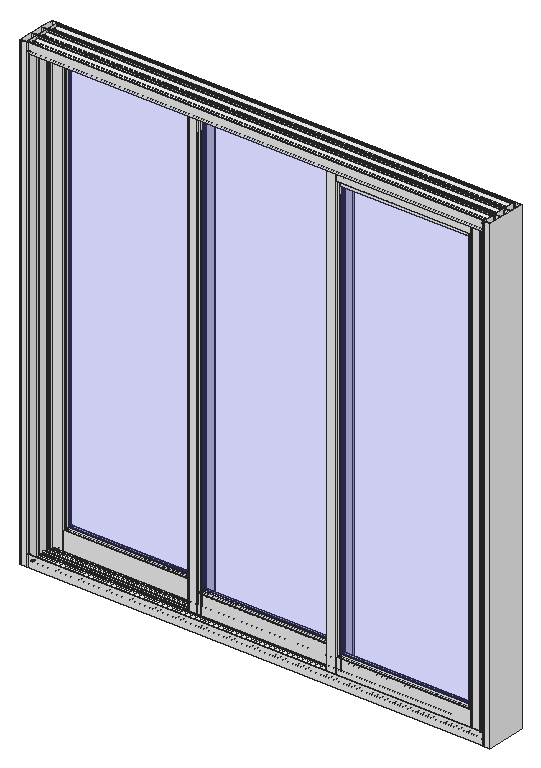
Revit family "Crealco Palace OXX", category Doors, host Wall, Revit 2016 (continued)
Definition of nested family "Palace Sash"
  Definition of nested family "Palace Sash Jamb"
    Automatic sketch dimensions
      Extrusion 4 sketch curve to Extrusion 4 sketch curve = 0.4 mm  (x2)
      Extrusion 4 sketch curve to Extrusion 4 sketch curve = 1 mm
      Extrusion 4 sketch curve to Extrusion 4 sketch curve = 1.2 mm  (x4)
      Extrusion 4 sketch curve to plane 4 = 27 mm
      Extrusion 4 sketch curve to Extrusion 4 sketch curve = 1.363 mm
      Extrusion 4 sketch curve to plane 4 = 8.5 mm
      Extrusion 4 sketch curve to Extrusion 4 sketch curve = 1.494 mm
      Extrusion 4 sketch curve to plane 4 = 24.265 mm
      Extrusion 4 sketch curve to Extrusion 4 sketch curve = 0.239 mm
      Extrusion 4 sketch curve to plane 4 = 9.735 mm
      Extrusion 4 sketch curve to Extrusion 4 sketch curve = 0.108 mm
      Extrusion 4 sketch curve to Extrusion 4 sketch curve = 0.498 mm  (x2)
      Extrusion 4 sketch curve to Extrusion 4 sketch curve = 1.8 mm  (x4)
      Extrusion 4 sketch curve to Extrusion 4 sketch curve = 0 mm
      Extrusion 4 sketch curve to Extrusion 4 sketch curve = 10.9 mm
      Extrusion 4 sketch curve to Extrusion 4 sketch curve = 4.5 mm
      Extrusion 4 sketch curve to Extrusion 4 sketch curve = 3.2 mm
      Extrusion 4 sketch curve to Extrusion 4 sketch curve = 1.3 mm
      Extrusion 4 sketch curve to Extrusion 4 sketch curve = 9.106 mm
      Extrusion 4 sketch curve to Extrusion 4 sketch curve = 2.687 mm
      Extrusion 4 sketch curve to Extrusion 4 sketch curve = 1.933 mm
      Extrusion 4 sketch curve to Extrusion 4 sketch curve = 0.594 mm
      Extrusion 4 sketch curve to Extrusion 4 sketch curve = 0.5 mm  (x2)
      Extrusion 5 sketch curve to plane 4 = 52.8 mm  (x2)
      Extrusion 5 sketch curve to plane 3 "Center (Left/Right)" = 40 mm
      Extrusion 5 sketch curve to Extrusion 5 sketch curve = 1.8 mm  (x4)
      Extrusion 5 sketch curve to Extrusion 5 sketch curve = 0 mm  (x4)
      Extrusion 5 sketch curve to Extrusion 5 sketch curve = 2 mm  (x3)
      Extrusion 5 sketch curve to Extrusion 5 sketch curve = 7.7 mm
      Extrusion 5 sketch curve to Extrusion 5 sketch curve = 1.5 mm
      Extrusion 5 sketch curve to Extrusion 5 sketch curve = 0.7 mm  (x2)
      Extrusion 5 sketch curve to Extrusion 5 sketch curve = 2.5 mm
      Extrusion 5 sketch curve to Extrusion 5 sketch curve = 0.8 mm  (x2)
      Extrusion 5 sketch curve to plane 4 = 48.667 mm
      Extrusion 5 sketch curve to Extrusion 5 sketch curve = 1.72 mm
      Extrusion 5 sketch curve to plane 4 = 51.8 mm
      Extrusion 5 sketch curve to Extrusion 5 sketch curve = 4.28 mm
      Extrusion 5 sketch curve to Extrusion 5 sketch curve = 2.2 mm  (x2)
      Extrusion 5 sketch curve to plane 4 = 52.3 mm
      Extrusion 5 sketch curve to Extrusion 5 sketch curve = 0.6 mm
      Extrusion 5 sketch curve to Extrusion 5 sketch curve = 9.3 mm
      Extrusion 5 sketch curve to plane 4 = 51.106 mm
      Extrusion 5 sketch curve to Extrusion 5 sketch curve = 0.084 mm
      Extrusion 5 sketch curve to Extrusion 5 sketch curve = 4.616 mm
      Extrusion 5 sketch curve to Extrusion 5 sketch curve = 1.4 mm  (x3)
      Extrusion 5 sketch curve to Extrusion 5 sketch curve = 0.4 mm  (x2)
      Extrusion 5 sketch curve to Extrusion 5 sketch curve = 1 mm
      Extrusion 5 sketch curve to Extrusion 5 sketch curve = 7.216 mm
      Extrusion 5 sketch curve to Extrusion 5 sketch curve = 1.2 mm  (x3)
      Extrusion 5 sketch curve to plane 4 = 27 mm
      Extrusion 5 sketch curve to Extrusion 5 sketch curve = 1.363 mm
      Extrusion 5 sketch curve to Extrusion 5 sketch curve = 1.494 mm
      Extrusion 5 sketch curve to Extrusion 5 sketch curve = 0.108 mm
      Extrusion 5 sketch curve to plane 4 = 24.265 mm
      Extrusion 5 sketch curve to Extrusion 5 sketch curve = 0.239 mm
      Extrusion 5 sketch curve to Extrusion 5 sketch curve = 0.498 mm  (x2)
      Extrusion 5 sketch curve to Extrusion 5 sketch curve = 0.5 mm  (x2)
      Extrusion 5 sketch curve to Extrusion 5 sketch curve = 10.9 mm
      Extrusion 5 sketch curve to plane 4 = 37.6 mm
      Extrusion 5 sketch curve to Extrusion 5 sketch curve = 2.687 mm
      Extrusion 5 sketch curve to Extrusion 5 sketch curve = 1.3 mm
      Extrusion 5 sketch curve to Extrusion 5 sketch curve = 14.53 mm
      Extrusion 5 sketch curve to Extrusion 5 sketch curve = 1.235 mm
      Extrusion 5 sketch curve to Extrusion 5 sketch curve = 6.1 mm
      Extrusion 5 sketch curve to Extrusion 5 sketch curve = 46.5 mm
      Extrusion 5 sketch curve to Extrusion 5 sketch curve = 4.5 mm
      Extrusion 6 sketch curve to plane 4 = 1.8 mm
      Extrusion 6 sketch curve to plane 3 "Center (Left/Right)" = 60 mm
      Extrusion 6 sketch curve to Extrusion 6 sketch curve = 1.8 mm  (x4)
      Extrusion 6 sketch curve to Extrusion 6 sketch curve = 0 mm  (x7)
      Extrusion 6 sketch curve to Extrusion 6 sketch curve = 3.4 mm  (x2)
      Extrusion 6 sketch curve to Extrusion 6 sketch curve = 1.2 mm  (x5)
      Extrusion 6 sketch curve to plane 4 = 8.1 mm
      Extrusion 6 sketch curve to Extrusion 6 sketch curve = 49.201 mm
      Extrusion 6 sketch curve to Extrusion 6 sketch curve = 1.4 mm  (x2)
      Extrusion 6 sketch curve to Extrusion 6 sketch curve = 0.4 mm
      plane 1 "Center (Front/Back)" to Extrusion 6 sketch curve = 5 mm
      Extrusion 6 sketch curve to Extrusion 6 sketch curve = 1.363 mm
      Extrusion 6 sketch curve to plane 4 = 8.5 mm
      Extrusion 6 sketch curve to Extrusion 6 sketch curve = 1.494 mm
      Extrusion 6 sketch curve to plane 4 = 9.735 mm
      Extrusion 6 sketch curve to Extrusion 6 sketch curve = 0.108 mm
      Extrusion 6 sketch curve to plane 4 = 24.265 mm
      Extrusion 6 sketch curve to Extrusion 6 sketch curve = 0.239 mm
      Extrusion 6 sketch curve to Extrusion 6 sketch curve = 0.498 mm  (x2)
      plane 1 "Center (Front/Back)" to Extrusion 6 sketch curve = 15.2 mm
      Extrusion 6 sketch curve to Extrusion 6 sketch curve = 10.9 mm
      plane 1 "Center (Front/Back)" to Extrusion 6 sketch curve = 15.6 mm
      Extrusion 6 sketch curve to Extrusion 6 sketch curve = 0.7 mm
      plane 1 "Center (Front/Back)" to Extrusion 6 sketch curve = 14.3 mm
      Extrusion 6 sketch curve to Extrusion 6 sketch curve = 2.2 mm
      plane 1 "Center (Front/Back)" to Extrusion 6 sketch curve = 17 mm
      plane 1 "Center (Front/Back)" to Extrusion 6 sketch curve = 17.196 mm
      Extrusion 6 sketch curve to Extrusion 6 sketch curve = 3 mm  (x2)
      Extrusion 7 sketch curve to plane 3 "Center (Left/Right)" = 62.9 mm
      Extrusion 7 sketch curve to plane 4 = 44 mm
      Extrusion 7 sketch curve to Extrusion 7 sketch curve = 0 mm  (x6)
      Extrusion 7 sketch curve to Extrusion 7 sketch curve = 1 mm  (x9)
      Extrusion 7 sketch curve to Extrusion 7 sketch curve = 0.5 mm  (x5)
      Extrusion 7 sketch curve to Extrusion 7 sketch curve = 5.5 mm  (x2)
      Extrusion 7 sketch curve to Extrusion 7 sketch curve = 0.8 mm  (x4)
      Extrusion 7 sketch curve to Extrusion 7 sketch curve = 1.5 mm
      Extrusion 7 sketch curve to Extrusion 7 sketch curve = 1.6 mm  (x7)
      Extrusion 7 sketch curve to Extrusion 7 sketch curve = 0.9 mm  (x2)
      Extrusion 7 sketch curve to Extrusion 7 sketch curve = 7.5 mm  (x2)
      Extrusion 7 sketch curve to Extrusion 7 sketch curve = 1.4 mm  (x3)
      Extrusion 7 sketch curve to Extrusion 7 sketch curve = 0.2 mm  (x2)
      Extrusion 7 sketch curve to Extrusion 7 sketch curve = 0.6 mm  (x2)
      Extrusion 7 sketch curve to Extrusion 7 sketch curve = 5.6 mm
      Extrusion 7 sketch curve to Extrusion 7 sketch curve = 15.5 mm
      Extrusion 7 sketch curve to Extrusion 7 sketch curve = 14.8 mm
      Extrusion 7 sketch curve to Extrusion 7 sketch curve = 0.7 mm
      Extrusion 7 sketch curve to Extrusion 7 sketch curve = 2.7 mm
      Extrusion 8 sketch curve to Extrusion 8 sketch curve = 0 mm  (x16)
      Extrusion 8 sketch curve to plane 3 "Center (Left/Right)" = 69.3 mm  (x2)
      Extrusion 8 sketch curve to plane 4 = 3 mm  (x2)
      Extrusion 8 sketch curve to Extrusion 8 sketch curve = 6.4 mm  (x4)
      Extrusion 8 sketch curve to plane 4 = 4 mm
      Extrusion 8 sketch curve to Extrusion 8 sketch curve = 1 mm  (x12)
      Extrusion 8 sketch curve to Extrusion 8 sketch curve = 0.5 mm  (x5)
      Extrusion 8 sketch curve to Extrusion 8 sketch curve = 1.6 mm  (x13)
      Extrusion 8 sketch curve to Extrusion 8 sketch curve = 0.1 mm
      Extrusion 8 sketch curve to Extrusion 8 sketch curve = 2 mm  (x3)
      Extrusion 8 sketch curve to Extrusion 8 sketch curve = 5.5 mm  (x2)
      Extrusion 8 sketch curve to plane 4 = 5.5 mm
      Extrusion 8 sketch curve to Extrusion 8 sketch curve = 1.8 mm  (x2)
      Extrusion 8 sketch curve to Extrusion 8 sketch curve = 1.5 mm  (x3)
      Extrusion 8 sketch curve to Extrusion 8 sketch curve = 0.9 mm  (x2)
      Extrusion 8 sketch curve to plane 3 "Center (Left/Right)" = 42.5 mm  (x2)
      Extrusion 8 sketch curve to Extrusion 8 sketch curve = 0.6 mm  (x4)
      Extrusion 8 sketch curve to Extrusion 8 sketch curve = 7.5 mm  (x2)
      Extrusion 8 sketch curve to plane 4 = 7.2 mm
      Extrusion 8 sketch curve to Extrusion 8 sketch curve = 0.8 mm  (x2)
      Extrusion 8 sketch curve to plane 3 "Center (Left/Right)" = 33.5 mm  (x2)
      Extrusion 8 sketch curve to plane 1 "Center (Front/Back)" = 0 mm
      plane 1 "Center (Front/Back)" to Extrusion 8 sketch curve = 14.8 mm
      Extrusion 8 sketch curve to Extrusion 8 sketch curve = 0.7 mm
      Extrusion 8 sketch curve to Extrusion 8 sketch curve = 0.2 mm
      Extrusion 8 sketch curve to Extrusion 8 sketch curve = 2.7 mm
      Extrusion 8 sketch curve to Extrusion 8 sketch curve = 1.4 mm  (x2)
      plane 5 to Extrusion 8 sketch curve = 14.693 mm  (x2)
      Extrusion 8 sketch curve to Extrusion 8 sketch curve = 0.507 mm  (x4)
      Extrusion 8 sketch curve to Extrusion 8 sketch curve = 4.8 mm  (x4)
      Extrusion 8 sketch curve to Extrusion 8 sketch curve = 5.193 mm  (x2)
      Extrusion 8 sketch curve to plane 4 = 2.6 mm
      Extrusion 8 sketch curve to Extrusion 8 sketch curve = 14.693 mm  (x2)
  Definition of nested family "Palace Sash Head"
    Parameters (values of type "Palace Sash Head")
      Profile Material [instance] = none
      Head Width = 50 mm  # constant formula
      Head Length [instance] = 250 mm
      Head Depth = 44 mm  # constant formula
    Reference planes
      plane 1 "Center (Front/Back)": y = 0
      plane 2: z = 0
      plane 3 "Center (Left/Right)": x = 0
      plane 4: y = -22
      plane 5: z = 50
      plane 6: y = 22
      plane 7: z = 25
    Forms (mm)
      Extrusion 1, solid, material <- "Profile Material"
        sketch origin (0, 0, 0) x (0, 1, 0) y (0, 0, 1)
          loop
            line (22, 50) -> (20.2, 50) -> (20.2, 48) -> (17.1, 48) -> (17.1, 46.4) -> (20.25, 46.4) -> (20.25, 34.033) -> (19.696, 32.985) -> (19.696, 30) -> (-19.7, 30) -> (-19.7, 32.92) -> (-20.21, 33.883) -> (-20.21, 46.4) -> (-17.1, 46.4) -> (-17.1, 48) -> (-20.2, 48) -> (-20.2, 50) -> (-22, 50) -> (-22, 0) -> (-17.004, 0) -> (-17.004, -15) -> (-14.304, -15) -> (-14.304, -13.8) -> (-15.604, -13.8) -> (-15.604, -11.6) -> (-15.204, -10.9) -> (-15.204, 0) -> (-2.313, 0)
            arc (-2.313, 0) -> (-1.814, 0.478) -> (-2.27, 0.998) r 0.5
            line (-2.27, 0.998) -> (-5.004, 1.237) -> (-5.004, 2.6) -> (13.496, 2.6) -> (13.496, 1.106) -> (11.805, 0.958) -> (11.805, 0) -> (22, 0) -> (22, 50)
          loop
            line (-20.21, 28.2) -> (-20.21, 1.8) -> (-6.804, 1.8) -> (-6.804, 3)
            arc (-6.804, 3) -> (-6.394, 3.99) -> (-5.404, 4.4) r 1.4
            line (-5.404, 4.4) -> (13.896, 4.4)
            arc (13.896, 4.4) -> (14.885, 3.99) -> (15.296, 3) r 1.4
            line (15.296, 3) -> (15.296, 1.8) -> (20.21, 1.8) -> (20.21, 28.2) -> (-20.21, 28.2)
        from 0 to 250 <- "Head Length"
      Extrusion 2, void
        sketch origin (0, -16.704, -15) x (0, -1, 0) y (1, 0, 0)
          loop
            line (0.3, 250) -> (-2.4, 250) -> (-2.4, 235) -> (0.3, 235) -> (0.3, 250)
          loop
            line (0.3, 0) -> (0.3, 15) -> (-2.4, 15) -> (-2.4, 0) -> (0.3, 0)
        from 0 to 250
    Cuts and joins
      Extrusion 2 cuts Extrusion 1
    Dimensions and locks
      equal spacing: plane 4, plane 1 "Center (Front/Back)", plane 6
      "Head Depth": plane 4 to plane 6
      equal spacing: plane 5, plane 7, plane 2
      "Head Width": plane 5 to plane 2
      locked: Extrusion 2 sketch curve to Extrusion 1 at 15
      locked: Extrusion 1 to Extrusion 2 sketch curve at 15
      aligned and locked: level to plane 2
    Automatic sketch dimensions
      Extrusion 1 to Extrusion 2 sketch curve = 0 mm  (x4)
      Extrusion 2 sketch curve to Extrusion 1 = 0 mm  (x2)
      Extrusion 1 sketch curve to level = 0 mm  (x3)
      Extrusion 1 sketch curve to plane 4 = 0 mm
      plane 5 to Extrusion 1 sketch curve = 0 mm  (x2)
      Extrusion 1 sketch curve to plane 6 = 0 mm
      Extrusion 1 sketch curve to plane 4 = 1.79 mm  (x2)
      Extrusion 1 sketch curve to plane 4 = 1.8 mm
      Extrusion 1 sketch curve to Extrusion 1 sketch curve = 0.51 mm
      Extrusion 1 sketch curve to Extrusion 1 sketch curve = 3.1 mm
      Extrusion 1 sketch curve to Extrusion 1 sketch curve = 3.205 mm
      Extrusion 1 sketch curve to Extrusion 1 sketch curve = 1.4 mm  (x3)
      Extrusion 1 sketch curve to Extrusion 1 sketch curve = 0.4 mm  (x3)
      Extrusion 1 sketch curve to Extrusion 1 sketch curve = 1.3 mm
      level to Extrusion 1 sketch curve = 1.8 mm  (x2)
      plane 1 "Center (Front/Back)" to Extrusion 1 sketch curve = 6.804 mm
      level to Extrusion 1 sketch curve = 1.237 mm
      plane 1 "Center (Front/Back)" to Extrusion 1 sketch curve = 2.313 mm
      level to Extrusion 1 sketch curve = 0.998 mm
      Extrusion 1 sketch curve to Extrusion 1 sketch curve = 0.044 mm
      plane 6 to Extrusion 1 sketch curve = 10.195 mm
      plane 6 to Extrusion 1 sketch curve = 4.9 mm
      plane 6 to Extrusion 1 sketch curve = 2.304 mm
      plane 6 to Extrusion 1 sketch curve = 1.8 mm
      plane 6 to Extrusion 1 sketch curve = 1.79 mm
      Extrusion 1 sketch curve to Extrusion 1 sketch curve = 0.05 mm
      Extrusion 1 sketch curve to level = 10.9 mm
      Extrusion 1 sketch curve to Extrusion 1 sketch curve = 0.7 mm
      Extrusion 1 sketch curve to Extrusion 1 sketch curve = 2.2 mm
      Extrusion 1 sketch curve to Extrusion 1 sketch curve = 1.2 mm  (x2)
      level to Extrusion 1 sketch curve = 1.106 mm
      Extrusion 1 sketch curve to Extrusion 1 sketch curve = 1.494 mm
      plane 7 to Extrusion 1 sketch curve = 3.2 mm
      Extrusion 1 sketch curve to Extrusion 1 sketch curve = 1.8 mm
      Extrusion 1 sketch curve to Extrusion 1 sketch curve = 2.92 mm
      Extrusion 1 sketch curve to Extrusion 1 sketch curve = 2.985 mm
      Extrusion 1 sketch curve to Extrusion 1 sketch curve = 0.963 mm
      Extrusion 1 sketch curve to Extrusion 1 sketch curve = 1.048 mm
      plane 5 to Extrusion 1 sketch curve = 3.6 mm  (x2)
      Extrusion 1 sketch curve to Extrusion 1 sketch curve = 1.6 mm  (x2)
      level to Extrusion 1 sketch curve = 0.958 mm
      Extrusion 1 sketch curve to Extrusion 1 sketch curve = 1.691 mm
  Definition of nested family "Palace Single Glazing"
    Parameters (values of type "Palace Single Glazing")
      Glazing Width [instance] = 600 mm
      Glazing Height [instance] = 600 mm
      Right Sliding [instance] = yes
      Length Arrow Tip [instance] = if((Glazing Height - (2 * 50.3 mm)) / 8 > Length Arrow / 3.3, Length Arrow / 3.3, (Glazing Height - (2 * 50.3 mm)) / 8)  # 50.444 mm
      Length Arrow [instance] = (Glazing Width - (2 * 50.3 mm)) / 3  # 166.467 mm
      Left Sliding [instance] = yes
      Is Sliding [instance] = if(or(Right Sliding, Left Sliding), 1 = 1, 1 = 2)  # yes
      Glazing Thickness SG [instance] = 4 mm
      Glazing Material [instance] = none
      Double Glazing Gasket Material [instance] = none
      Arrow Tip Length [instance] = if((Glazing Height - (2 * 50.3 mm)) / 8 > Length Arrow / 3.3, Length Arrow / 3.3, (Glazing Height - (2 * 50.3 mm)) / 8)  # 50.444 mm
      Arrow Tip Angle = 45.00°  # constant formula
      Arrow Left Gap [instance] = (Glazing Width - Length Arrow) / 2  # 216.767 mm
      Arrow Bottom Gap [instance] = Glazing Height / 2  # 300 mm
    Reference planes
      plane 1 "Center (Front/Back)": y = 0
      plane 2: z = 0
      plane 3 "Center (Left/Right)": x = 0
      plane 4: y = -4
      plane 5: y = -2
    Forms (mm)
      Extrusion 1, solid, material <- "Glazing Material"
        sketch origin (0, 0, 0) x (1, 0, 0) y (0, 0, 1)
          loop
            line (0, 0) -> (0, 600) -> (-600, 600) -> (-600, 0) -> (0, 0)
        from 0 to 4 <- "Glazing Thickness SG"
    Lines and regions (mm)
      model lines, visible <- "Is Sliding"
        curve 1: line (-383.233, -4, 300) -> (-216.767, -4, 300)
      model lines, visible <- "Left Sliding"
        curve 2: line (-216.767, -4, 300) -> (-252.436, -4, 335.67)
        curve 3: line (-216.767, -4, 300) -> (-252.436, -4, 264.33)
      model lines, visible <- "Right Sliding"
        curve 4: line (-383.233, -4, 300) -> (-347.564, -4, 335.67)
        curve 5: line (-383.233, -4, 300) -> (-347.564, -4, 264.33)
    Dimensions and locks
      "Length Arrow": curve 1 to curve 1
      "Arrow Left Gap": plane 3 "Center (Left/Right)" to curve 1
      "Arrow Bottom Gap": level to curve 1
      "Arrow Tip Length": curve 3 to curve 2
      "Arrow Tip Length": curve 3 to curve 3
      "Length Arrow Tip": curve 5 to curve 5
      "Length Arrow Tip": curve 5 to curve 4
      "Glazing Width": plane 3 "Center (Left/Right)" to Extrusion 1 sketch curve
      "Glazing Height": Extrusion 1 sketch curve to level
      equal spacing: plane 4, plane 5, plane 1 "Center (Front/Back)"
      "Glazing Thickness SG": plane 4 to plane 1 "Center (Front/Back)"
      "Arrow Tip Angle": angle curve 3 to curve 1
      "Arrow Tip Angle": angle curve 1 to curve 2
      "Arrow Tip Angle": angle curve 4 to curve 1
      "Arrow Tip Angle": angle curve 1 to curve 5
      aligned and locked: level to plane 2
      aligned and locked: Extrusion 1 sketch curve to plane 3 "Center (Left/Right)"
      aligned and locked: level to Extrusion 1 sketch curve
  Definition of nested family "Palace Double Glazing"
    Parameters (values of type "Palace Double Glazing")
      Glazing Width [instance] = 600 mm
      Glazing Thickness [instance] = 20 mm
      Glazing Height [instance] = 600 mm
      Right Sliding [instance] = yes
      Length Arrow Tip [instance] = if((Glazing Height - (2 * 50.3 mm)) / 8 > Length Arrow / 3.3, Length Arrow / 3.3, (Glazing Height - (2 * 50.3 mm)) / 8)  # 50.444 mm
      Length Arrow [instance] = (Glazing Width - (2 * 50.3 mm)) / 3  # 166.467 mm
      Left Sliding [instance] = yes
      Is Sliding [instance] = if(or(Right Sliding, Left Sliding), 1 = 1, 1 = 2)  # yes
      Glazing Thickness DG [instance] = (Glazing Thickness - Double Glazing Gasket Thickness) / 2  # 4 mm
      Glazing Material [instance] = none
      Double Glazing Gasket Thickness [instance] = 12 mm
      Double Glazing Gasket Material [instance] = none
      Arrow Tip Length [instance] = if((Glazing Height - (2 * 50.3 mm)) / 8 > Length Arrow / 3.3, Length Arrow / 3.3, (Glazing Height - (2 * 50.3 mm)) / 8)  # 50.444 mm
      Arrow Tip Angle = 45.00°  # constant formula
      Arrow Left Gap [instance] = (Glazing Width - Length Arrow) / 2  # 216.767 mm
      Arrow Bottom Gap [instance] = Glazing Height / 2  # 300 mm
    Reference planes
      plane 1 "Center (Front/Back)": y = 0
      plane 2: z = 0
      plane 3 "Center (Left/Right)": x = 0
      plane 4: y = -20
      plane 5: y = -10
    Forms (mm)
      Extrusion 1, solid, material <- "Glazing Material"
        sketch origin (0, 0, 0) x (1, 0, 0) y (0, 0, 1)
          loop
            line (0, 0) -> (0, 600) -> (-600, 600) -> (-600, 0) -> (0, 0)
        from 0 to 4 <- "Glazing Thickness DG"
      Extrusion 2, solid, material <- "Double Glazing Gasket Material"
        sketch origin (0, -4, 0) x (1, 0, 0) y (0, 0, 1)
          loop
            line (-600, 600) -> (-600, 0) -> (0, 0) -> (0, 600) -> (-600, 600)
          loop
            line (-592, 8) -> (-8, 8) -> (-8, 592) -> (-592, 592) -> (-592, 8)
        from 0 to 12 <- "Double Glazing Gasket Thickness"
      Extrusion 3, solid, material <- "Glazing Material"
        sketch origin (0, -16, 0) x (1, 0, 0) y (0, 0, 1)
          loop
            line (-600, 600) -> (-600, 0) -> (0, 0) -> (0, 600) -> (-600, 600)
        from 0 to 4 <- "Glazing Thickness DG"
    Lines and regions (mm)
      model lines, visible <- "Is Sliding"
        curve 1: line (-383.233, 0, 300) -> (-216.767, 0, 300)
      model lines, visible <- "Right Sliding"
        curve 2: line (-216.767, 0, 300) -> (-252.436, 0, 335.67)
        curve 3: line (-216.767, 0, 300) -> (-252.436, 0, 264.33)
      model lines, visible <- "Left Sliding"
        curve 4: line (-383.233, 0, 300) -> (-347.564, 0, 335.67)
        curve 5: line (-383.233, 0, 300) -> (-347.564, 0, 264.33)
    Dimensions and locks
      "Length Arrow": curve 1 to curve 1
      "Arrow Left Gap": plane 3 "Center (Left/Right)" to curve 1
      "Arrow Bottom Gap": level to curve 1
      "Arrow Tip Length": curve 3 to curve 2
      "Arrow Tip Length": curve 3 to curve 3
      "Length Arrow Tip": curve 5 to curve 5
      "Length Arrow Tip": curve 5 to curve 4
      "Glazing Width": plane 3 "Center (Left/Right)" to Extrusion 1 sketch curve
      "Glazing Height": Extrusion 1 sketch curve to level
      equal spacing: plane 4, plane 5, plane 1 "Center (Front/Back)"
      "Glazing Thickness": plane 4 to plane 1 "Center (Front/Back)"
      "Arrow Tip Angle": angle curve 3 to curve 1
      "Arrow Tip Angle": angle curve 1 to curve 2
      "Arrow Tip Angle": angle curve 4 to curve 1
      "Arrow Tip Angle": angle curve 1 to curve 5
      aligned and locked: level to plane 2
      aligned and locked: Extrusion 1 sketch curve to plane 3 "Center (Left/Right)"
      aligned and locked: level to Extrusion 1 sketch curve
      aligned and locked: Extrusion 2 sketch curve to Extrusion 1  (x4)
      aligned and locked: Extrusion 3 sketch curve to Extrusion 2  (x4)
    Automatic sketch dimensions
      Extrusion 2 sketch curve to Extrusion 1 = 8 mm  (x4)
Definition of nested family "Palace Single Glazing"
  Parameters (values of type "Palace Single Glazing")
    Glazing Width [instance] = 600 mm
    Glazing Height [instance] = 600 mm
    Right Sliding [instance] = yes
    Length Arrow Tip [instance] = if((Glazing Height - (2 * 50.3 mm)) / 8 > Length Arrow / 3.3, Length Arrow / 3.3, (Glazing Height - (2 * 50.3 mm)) / 8)  # 50.444 mm
    Length Arrow [instance] = (Glazing Width - (2 * 50.3 mm)) / 3  # 166.467 mm
    Left Sliding [instance] = yes
    Is Sliding [instance] = if(or(Right Sliding, Left Sliding), 1 = 1, 1 = 2)  # yes
    Glazing Thickness SG [instance] = 4 mm
    Glazing Material [instance] = none
    Double Glazing Gasket Material [instance] = none
    Arrow Tip Length [instance] = if((Glazing Height - (2 * 50.3 mm)) / 8 > Length Arrow / 3.3, Length Arrow / 3.3, (Glazing Height - (2 * 50.3 mm)) / 8)  # 50.444 mm
    Arrow Tip Angle = 45.00°  # constant formula
    Arrow Left Gap [instance] = (Glazing Width - Length Arrow) / 2  # 216.767 mm
    Arrow Bottom Gap [instance] = Glazing Height / 2  # 300 mm
  Reference planes
    plane 1 "Center (Front/Back)": y = 0
    plane 2: z = 0
    plane 3 "Center (Left/Right)": x = 0
    plane 4: y = -4
    plane 5: y = -2
  Forms (mm)
    Extrusion 1, solid, material <- "Glazing Material"
      sketch origin (0, 0, 0) x (1, 0, 0) y (0, 0, 1)
        loop
          line (0, 0) -> (0, 600) -> (-600, 600) -> (-600, 0) -> (0, 0)
      from 0 to 4 <- "Glazing Thickness SG"
  Lines and regions (mm)
    model lines, visible <- "Is Sliding"
      curve 1: line (-383.233, -4, 300) -> (-216.767, -4, 300)
    model lines, visible <- "Left Sliding"
      curve 2: line (-216.767, -4, 300) -> (-252.436, -4, 335.67)
      curve 3: line (-216.767, -4, 300) -> (-252.436, -4, 264.33)
    model lines, visible <- "Right Sliding"
      curve 4: line (-383.233, -4, 300) -> (-347.564, -4, 335.67)
      curve 5: line (-383.233, -4, 300) -> (-347.564, -4, 264.33)
  Dimensions and locks
    "Length Arrow": curve 1 to curve 1
    "Arrow Left Gap": plane 3 "Center (Left/Right)" to curve 1
    "Arrow Bottom Gap": level to curve 1
    "Arrow Tip Length": curve 3 to curve 2
    "Arrow Tip Length": curve 3 to curve 3
    "Length Arrow Tip": curve 5 to curve 5
    "Length Arrow Tip": curve 5 to curve 4
    "Glazing Width": plane 3 "Center (Left/Right)" to Extrusion 1 sketch curve
    "Glazing Height": Extrusion 1 sketch curve to level
    equal spacing: plane 4, plane 5, plane 1 "Center (Front/Back)"
    "Glazing Thickness SG": plane 4 to plane 1 "Center (Front/Back)"
    "Arrow Tip Angle": angle curve 3 to curve 1
    "Arrow Tip Angle": angle curve 1 to curve 2
    "Arrow Tip Angle": angle curve 4 to curve 1
    "Arrow Tip Angle": angle curve 1 to curve 5
    aligned and locked: level to plane 2
    aligned and locked: Extrusion 1 sketch curve to plane 3 "Center (Left/Right)"
    aligned and locked: level to Extrusion 1 sketch curve
Types (18, lengths in mm): name | f | b | a | Standard Interlock | Sash Width | Sash Middle Side Gap | Sash Height | Heavy Duty Interlock | Door Width | Door Height | Width | Type Comments | Standard Width | Standard Size | Standard Height | Q_RHS | Q_LHS | L | Ix_RHS | Ix_LHS | Ix | Height | C_RHS | C_LHS | A_RHS | A_LHS
  (no name) | 1.1943 | 701.367 | 701.367 | yes | 701.367 | 694.367 | 2031 | no | 2090 | 2090 | 2090 | "Palace-2121OXX" | 2090 | yes | 2090 | 609.9494 | 609.9494 | 209 | 9.9574 | 9.9574 | 19.9148 | 2090 | 35.068 | 35.068 | 0.60995 | 0.60995
  2090 x 2090mm (Palace-2121OXX) | 1.1943 | 701.367 | 701.367 | yes | 701.367 | 694.367 | 2031 | no | 2090 | 2090 | 2090 | "Palace-2121OXX" | 2090 | yes | 2090 | 609.9494 | 609.9494 | 209 | 9.9574 | 9.9574 | 19.9148 | 2090 | 35.068 | 35.068 | 0.60995 | 0.60995
  User Defined | 1.1943 | 701.367 | 701.367 | yes | 701.367 | 694.367 | 2031 | no | 2090 | 2090 | 2090 | "Custom" | 2090 | no | 2090 | 609.9494 | 609.9494 | 209 | 9.9574 | 9.9574 | 19.9148 | 2090 | 35.068 | 35.068 | 0.60995 | 0.60995
  2390 x 2390mm (Palace-2424OXX) | 1.3657 | 801.367 | 801.367 | no | 801.367 | 794.367 | 2331 | yes | 2390 | 2390 | 2390 | "Palace-2424OXX" | 2390 | yes | 2390 | 797.086 | 797.086 | 239 | 17.0145 | 17.0145 | 34.0291 | 2390 | 40.068 | 40.068 | 0.79709 | 0.79709
  2690 x 2090mm (Palace-2721OXX) | 1.1943 | 901.367 | 901.367 | yes | 901.367 | 894.367 | 2031 | no | 2690 | 2090 | 2690 | "Palace-2721OXX" | 2690 | yes | 2090 | 738.8127 | 738.8127 | 209 | 12.4154 | 12.4154 | 24.8308 | 2090 | 45.068 | 45.068 | 0.73881 | 0.73881
  2990 x 2090mm (Palace-3021OXX) | 1.1943 | 1001.367 | 1001.367 | no | 1001.367 | 994.367 | 2031 | yes | 2990 | 2090 | 2990 | "Palace-3021OXX" | 2990 | yes | 2090 | 795.7444 | 795.7444 | 209 | 13.5443 | 13.5443 | 27.0887 | 2090 | 50.068 | 50.068 | 0.79574 | 0.79574
  3290 x 2090mm (Palace-3321OXX) | 1.1943 | 1101.367 | 1101.367 | no | 1101.367 | 1094.367 | 2031 | yes | 3290 | 2090 | 3290 | "Palace-3321OXX" | 3290 | yes | 2090 | 847.676 | 847.676 | 209 | 14.5978 | 14.5978 | 29.1956 | 2090 | 55.068 | 55.068 | 0.84768 | 0.84768
  3590 x 2090mm (Palace-3621OXX) | 1.1943 | 1201.367 | 1201.367 | no | 1201.367 | 1194.367 | 2031 | yes | 3590 | 2090 | 3590 | "Palace-3621OXX" | 3590 | yes | 2090 | 894.6077 | 894.6077 | 209 | 15.5697 | 15.5697 | 31.1394 | 2090 | 60.068 | 60.068 | 0.89461 | 0.89461
  3890 x 2090mm (Palace-3921OXX) | 1.1943 | 1301.367 | 1301.367 | no | 1301.367 | 1294.367 | 2031 | yes | 3890 | 2090 | 3890 | "Palace-3921OXX" | 3890 | yes | 2090 | 936.5394 | 936.5394 | 209 | 16.4543 | 16.4543 | 32.9087 | 2090 | 65.068 | 65.068 | 0.93654 | 0.93654
  4190 x 2090mm (Palace-4221OXX) | 1.1943 | 1401.367 | 1401.367 | no | 1401.367 | 1394.367 | 2031 | yes | 4190 | 2090 | 4190 | "Palace-4221OXX" | 4190 | yes | 2090 | 973.471 | 973.471 | 209 | 17.2465 | 17.2465 | 34.493 | 2090 | 70.068 | 70.068 | 0.97347 | 0.97347
  2090 x 2390mm (Palace-2124OXX) | 1.3657 | 701.367 | 701.367 | no | 701.367 | 694.367 | 2331 | yes | 2090 | 2390 | 2090 | "Palace-2124OXX" | 2090 | yes | 2390 | 715.1544 | 715.1544 | 239 | 15.0521 | 15.0521 | 30.1042 | 2390 | 35.068 | 35.068 | 0.71515 | 0.71515
  2390 x 2090mm (Palace-2421OXX) | 1.1943 | 801.367 | 801.367 | yes | 801.367 | 794.367 | 2031 | no | 2390 | 2090 | 2390 | "Palace-2421OXX" | 2390 | yes | 2090 | 676.881 | 676.881 | 209 | 11.2175 | 11.2175 | 22.435 | 2090 | 40.068 | 40.068 | 0.67688 | 0.67688
  2690 x 2390mm (Palace-2724OXX) | 1.3657 | 901.367 | 901.367 | no | 901.367 | 894.367 | 2331 | yes | 2690 | 2390 | 2690 | "Palace-2724OXX" | 2690 | yes | 2390 | 874.0177 | 874.0177 | 239 | 18.905 | 18.905 | 37.81 | 2390 | 45.068 | 45.068 | 0.87402 | 0.87402
  2990 x 2390mm (Palace-3024OXX) | 1.3657 | 1001.367 | 1001.367 | no | 1001.367 | 994.367 | 2331 | yes | 2990 | 2390 | 2990 | "Palace-3024OXX" | 2990 | yes | 2390 | 945.9494 | 945.9494 | 239 | 20.7153 | 20.7153 | 41.4307 | 2390 | 50.068 | 50.068 | 0.94595 | 0.94595
  3290 x 2390mm (Palace-3324OXX) | 1.3657 | 1101.367 | 1101.367 | no | 1101.367 | 1094.367 | 2331 | yes | 3290 | 2390 | 3290 | "Palace-3324OXX" | 3290 | yes | 2390 | 1012.881 | 1012.881 | 239 | 22.4377 | 22.4377 | 44.8753 | 2390 | 55.068 | 55.068 | 1.0129 | 1.0129
  3590 x 2390mm (Palace-3624OXX) | 1.3657 | 1201.367 | 1201.367 | no | 1201.367 | 1194.367 | 2331 | yes | 3590 | 2390 | 3590 | "Palace-3624OXX" | 3590 | yes | 2390 | 1074.8127 | 1074.8127 | 239 | 24.0645 | 24.0645 | 48.129 | 2390 | 60.068 | 60.068 | 1.0748 | 1.0748
  3890 x 2390mm (Palace-3924OXX) | 1.3657 | 1301.367 | 1301.367 | no | 1301.367 | 1294.367 | 2331 | yes | 3890 | 2390 | 3890 | "Palace-3924OXX" | 3890 | yes | 2390 | 1131.7444 | 1131.7444 | 239 | 25.5886 | 25.5886 | 51.1773 | 2390 | 65.068 | 65.068 | 1.1317 | 1.1317
  4190 x 2390mm (Palace-4224OXX) | 1.3657 | 1401.367 | 1401.367 | no | 1401.367 | 1394.367 | 2331 | yes | 4190 | 2390 | 4190 | "Palace-4224OXX" | 4190 | yes | 2390 | 1183.676 | 1183.676 | 239 | 27.0033 | 27.0033 | 54.0067 | 2390 | 70.068 | 70.068 | 1.1837 | 1.1837
